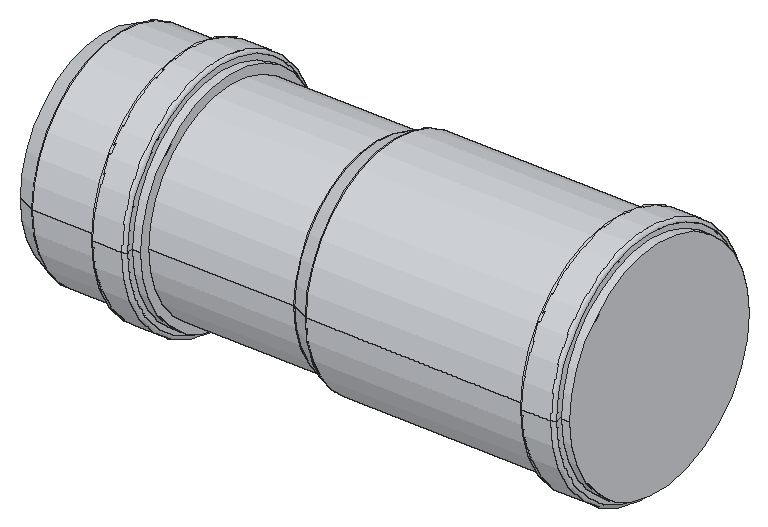
Revit family "RAUPIANO PLUS Long socket", category Pipe Fittings, Revit 2012
Parameters (values of type "Standard")
  L2 [instance] = 120 mm  # constant formula
  L [instance] = size_lookup("RAUPIANO Long Socket.csv", "L", 0 mm, Nominal Diameter 1)  # 120 mm
  tmin 1 [instance] = size_lookup("RAUPIANO Pipe.csv", "tmin", 0 mm, Nominal Diameter 1)  # 52 mm
  re 1 [instance] = de 1 / 2  # 45 mm
  de 1 [instance] = size_lookup("RAUPIANO Pipe.csv", "de", 0 mm, Nominal Diameter 1)  # 90 mm
  bmin 1 [instance] = size_lookup("RAUPIANO Pipe.csv", "bmin", 0 mm, Nominal Diameter 1)  # 4 mm
  Type Comments = "RAU-PP; Push-fit; White"  # constant formula
  Thermal expansion coefficient [instance] = "0,09 mm/m.K"  # constant formula
  Temperature resistance [instance] = "90°C (continuous), 95°C (short term)"  # constant formula
  T2 = "DN 110"
  T1 = "DN 90"
  Spec Text [instance] = if(D = 90 mm, T1, if(D = 110 mm, T2, Fail))  # "DN 90"
  Pressure resistance [instance] = "1 bar (100 kPa, 10m)"  # constant formula
  Materialcode SAP [instance] = if(D = 90 mm, M1, if(D = 110 mm, M2, Fail))  # "11233741001"
  Manufacturer = "REHAU"  # constant formula
  M2 = "11215941001"
  M1 = "11233741001"
  Loss Method = K Coefficient from Table
  K Coefficient Table = "Converging/Diverging Tee/Wye"
  Health and environmental impact [instance] = "Halogen-free (no F, Cl, Br, J) and 100% recyclable"  # constant formula
  Fire load [instance] = "14.992 kJ/kg"  # constant formula
  Fire behaviour [instance] = "B2 (DIN 4102); D,S3-d0 (EN 13501-1)"  # constant formula
  Fail = "No article found"
  Description = "REHAU RAUPIANO PLUS long socket"  # constant formula
  D [instance] = Nominal Diameter 1  # 90 mm
  Class [instance] = "SN4"  # constant formula
  Chemical resistance [instance] = "pH 2 - 12"  # constant formula
  Belt Thickness 1 [instance] = Dmax 1 / 2 - Sleeve Radius 1  # 3.75 mm
  Belt Radius 1 [instance] = (Dmax 1 / 2 - Sleeve Radius 1) / 2.5  # 1.5 mm
  Belt Length 1 [instance] = (3 mm / 10 mm) * tmin 1  # 15.6 mm
  Sleeve Radius 1 [instance] = (Dmax 1 + de 1) / 4  # 48.75 mm
  Sleeve Length 1 [instance] = tmin 1 + bmin 1  # 56 mm
  Nominal Radius 1 [instance] = 45 mm
  Nominal Diameter 1 [instance] = Nominal Radius 1 * 2  # 90 mm
  Lookup Table Name = "RAUPIANO Long Socket.csv"
  Dmax 1 [instance] = size_lookup("RAUPIANO Pipe.csv", "Dmax", 0 mm, Nominal Diameter 1)  # 105 mm
  Article No [instance] = if(D = 90 mm, A1, if(D = 110 mm, A2, Fail))  # "123374-001"
  Application [instance] = "Not to be exposed to UV-radiation"  # constant formula
  Acoustic properties [instance] = "Rw + Ctr 42 (with industry standard suspended ceiling)"  # constant formula
  A2 = "121594-001"
  A1 = "123374-001"
Reference planes
  plane 1 "Center (Front/Back)": y = 0
  plane 2: z = 0
  plane 3 "Center (Left/Right)": x = 0
  plane 4: x = -4
  plane 5: x = -68
  plane 6: x = -120
  plane 7: x = 120
  plane 8: x = -124
  plane 9: x = -116
  plane 10: x = 4
Forms (mm)
  Extrusion 1, solid, detail levels fine
    sketch origin (-68, 298.262, 1219.2) x (0, 1, 0) y (0, 0, 1)
      loop
        circle (-298.262, -1219.2) r 45
    from 0 to 64
  Extrusion 2, solid, detail levels fine
    sketch origin (-68, 298.262, 1219.2) x (0, 1, 0) y (0, 0, 1)
      loop
        circle (-298.262, -1219.2) r 48.75
    from 0 to -48
  Extrusion 3, solid, detail levels fine
    sketch origin (-4, 298.262, 1219.2) x (0, 1, 0) y (0, 0, 1)
      loop
        circle (-298.262, -1219.2) r 48.75
    from 8 to 124
  Blend 4, solid, detail levels fine
    base sketch origin (-4, 298.262, 1219.2) x (0, 1, 0) y (0, 0, 1)
      loop
        circle (-298.262, -1219.2) r 45
    top sketch origin (-4, 298.262, 1219.2) x (0, 1, 0) y (0, 0, 1)
      loop
        circle (-298.262, -1219.2) r 48.75
    from 0 to 8
  Blend 5, solid, detail levels fine
    base sketch origin (-124, 58.829, 1219.2) x (0, 1, 0) y (0, 0, 1)
      loop
        circle (-58.829, -1219.2) r 45
    top sketch origin (-124, 58.829, 1219.2) x (0, 1, 0) y (0, 0, 1)
      loop
        circle (-58.829, -1219.2) r 48.75
    from 0 to 8
  Revolve 6, solid, detail levels fine
    sketch origin (0, 0, 0) x (1, 0, 0) y (0, 1, 0)
      loop
        line (116, -48.75) -> (100.4, -48.75) -> (100.4, -51)
        arc (100.4, -51) -> (100.839, -52.061) -> (101.9, -52.5) r 1.5
        line (101.9, -52.5) -> (114.5, -52.5)
        arc (114.5, -52.5) -> (115.561, -52.061) -> (116, -51) r 1.5
        line (116, -51) -> (116, -48.75)
      axis (116, 0) -> (100.4, 0)
    angle from 0 to 360
  Revolve 7, solid, detail levels fine
    sketch origin (0, 0, 0) x (1, 0, 0) y (0, 1, 0)
      loop
        line (-87.6, -48.75) -> (-87.6, -51)
        arc (-87.6, -51) -> (-87.161, -52.061) -> (-86.1, -52.5) r 1.5
        line (-86.1, -52.5) -> (-73.5, -52.5)
        arc (-73.5, -52.5) -> (-72.439, -52.061) -> (-72, -51) r 1.5
        line (-72, -51) -> (-72, -48.75) -> (-87.6, -48.75)
      axis (-72, 0) -> (-87.6, 0)
    angle from 0 to 360
Lines and regions (mm)
  model lines, detail levels coarse+medium
    curve 1: line (-124, 0, 0) -> (120, 0, 0)
    curve 2: line (-124, 45, 0) -> (-124, -45, 0)
    curve 3: line (120, 45, 0) -> (120, -45, 0)
  model lines, style "Symbol", detail levels coarse+medium
    curve 4: line (-124, 0, 45) -> (-124, 0, -45)
    curve 5: line (120, 0, 45) -> (120, 0, -45)
Dimensions and locks
  "L": plane 3 "Center (Left/Right)" to plane 7
  "tmin 1": plane 6 to plane 5
  equal spacing: plane 8, plane 6, plane 9
  "bmin 1": plane 6 to plane 9
  equal spacing: plane 4, plane 3 "Center (Left/Right)", plane 10
  "Belt Thickness 1": Revolve 6 sketch curve to Revolve 6 sketch curve
  "Sleeve Radius 1": Revolve 6 sketch curve to plane 1 "Center (Front/Back)"
  "bmin 1": Revolve 6 sketch curve to plane 7
  "Belt Length 1": Revolve 6 sketch curve to Revolve 6 sketch curve
  "Belt Thickness 1": Revolve 7 sketch curve to Revolve 7 sketch curve
  "Sleeve Radius 1": Revolve 7 sketch curve to plane 1 "Center (Front/Back)"
  "bmin 1": Revolve 7 sketch curve to plane 5
  "Belt Length 1": Revolve 7 sketch curve to Revolve 7 sketch curve
  equal spacing: curve 2, plane 1 "Center (Front/Back)", curve 2
  "Nominal Radius 1": curve 2 to plane 1 "Center (Front/Back)"
  equal spacing: curve 3, plane 1 "Center (Front/Back)", curve 3
  "Nominal Radius 1": plane 1 "Center (Front/Back)" to curve 3
  "bmin 1": plane 3 "Center (Left/Right)" to plane 10
  "L2": plane 6 to plane 3 "Center (Left/Right)"
  equal spacing: curve 4, level, curve 4
  equal spacing: curve 5, level, curve 5
  "Nominal Radius 1": curve 5 to level
  "Nominal Radius 1": curve 4 to level
  "re 1": radius of Extrusion 1 sketch curve
  "Sleeve Radius 1": radius of Extrusion 2 sketch curve
  "Sleeve Radius 1": radius of Extrusion 3 sketch curve
  "re 1": radius of Blend 4 sketch curve
  "Sleeve Radius 1": radius of Blend 4 sketch curve
  "re 1": radius of Blend 5 sketch curve
  "Sleeve Radius 1": radius of Blend 5 sketch curve
  "Belt Radius 1": radius of Revolve 6 sketch curve  (x2)
  "Belt Radius 1": radius of Revolve 7 sketch curve  (x2)
  aligned and locked: plane 2 to level
  aligned and locked: plane 5 to Extrusion 2
  aligned and locked: Extrusion 3 to plane 7
  aligned and locked: Extrusion 2 to plane 9
  aligned and locked: plane 10 to Extrusion 3
  aligned and locked: Blend 4 to plane 10
  aligned and locked: plane 9 to Blend 5
  aligned and locked: Revolve 6 sketch curve to Revolve 6 sketch curve
  aligned and locked: Revolve 6 sketch curve to plane 1 "Center (Front/Back)"
  aligned and locked: Revolve 7 sketch curve to Revolve 7 sketch curve
  aligned and locked: Revolve 7 sketch curve to plane 1 "Center (Front/Back)"
  aligned and locked: plane 8 to curve 1
  aligned and locked: plane 1 "Center (Front/Back)" to curve 1
  aligned and locked: curve 2 to plane 8
  aligned and locked: Extrusion 1 to plane 5
  aligned and locked: plane 4 to Extrusion 1
  aligned and locked: curve 4 to plane 8
  aligned and locked: plane 7 to curve 5
Automatic sketch dimensions
  Extrusion 1 sketch curve to level = 0 mm
  Extrusion 1 sketch curve to plane 1 "Center (Front/Back)" = 0 mm
  Extrusion 2 sketch curve to level = 0 mm
  Extrusion 2 sketch curve to plane 1 "Center (Front/Back)" = 0 mm
  Extrusion 3 sketch curve to level = 0 mm
  Extrusion 3 sketch curve to plane 1 "Center (Front/Back)" = 0 mm
  Blend 4 sketch curve to level = 0 mm  (x2)
  Blend 4 sketch curve to plane 1 "Center (Front/Back)" = 0 mm  (x2)
  Blend 5 sketch curve to level = 0 mm  (x2)
  Blend 5 sketch curve to plane 1 "Center (Front/Back)" = 0 mm  (x2)
  Revolve 6 sketch curve to plane 8 = 1408 mm
  Revolve 6 sketch curve to plane 7 = 1413 mm
  Revolve 7 sketch curve to plane 8 = 1408 mm
  Revolve 7 sketch curve to plane 7 = 1413 mm
  curve 3 to plane 7 = 0 mm
Connectors
  piping at (-124, 0, 0), driven by "Nominal Radius 1"
    settings: on Blend 5, index 1, connector radius 45 mm, flow factor 0, pipe flow 0 GPM, pressure drop 0.00 psi, fitting loss kfactor 0, connector angle 0.00°, fixture units 0, engagement length 0 mm, flow configuration 0, flow direction 0, fitting loss method 0, system type 28, joint type 0, gender type 0, connector reference index 3, connector utility 0, adjustable connector no, is connector primary yes, fitting loss table "", connector description ""
  piping at (120, 0, 0), driven by "Nominal Radius 1"
    settings: on Extrusion 3, index 3, connector radius 45 mm, flow factor 0, pipe flow 0 GPM, pressure drop 0.00 psi, fitting loss kfactor 0, connector angle 0.00°, fixture units 0, engagement length 0 mm, flow configuration 0, flow direction 0, fitting loss method 0, system type 28, joint type 0, gender type 0, connector reference index 1, connector utility 0, adjustable connector no, is connector primary no, fitting loss table "", connector description ""
